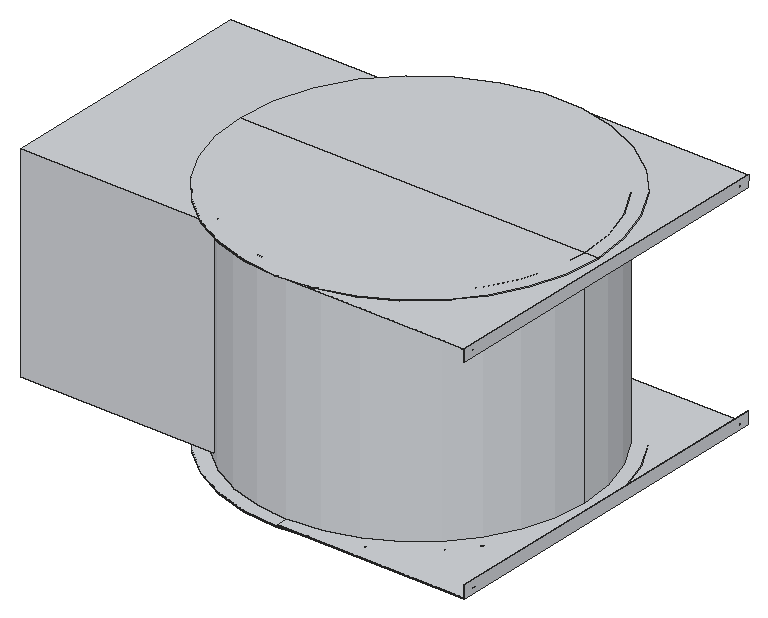
Revit family "AFB-C_Vertical_Wall_Mount", category Mechanical Equipment, Revit 2019
Family settings
  Round Connector Dimension = Use Radius
  Part Type = Normal
  Work Plane-Based = No
  Always vertical = Yes
  Cut with Voids When Loaded = No
  Shared = No
  Room Calculation Point = No
Parameters (values of type "60_AFB-C_VERT_WALL")
  Unit Weight [instance] = ""
  P/2 = P / 2  # 0' - 0 9/32"
  P = 0' - 0 9/16"  # constant formula
  N = 2' - 7 1/16"
  ModelID [instance] = ""
  M/2 = M / 2  # 2' - 9 1/16"
  M = 5' - 6 1/8"
  L = 0' - 1 1/8"
  K/2 = K / 2  # 1' - 7 7/8"
  K = 3' - 3 3/4"
  J-.125" = J - 0' 0 1/8"  # 2' - 10 3/4"
  J-(C/2) = J - (C / 2)  # 0' - 3 1/16"
  J = 2' - 10 7/8"
  H-(A/2) = H - (A / 2)  # 2' - 0 1/16"
  H+J = H + J  # 7' - 5 5/8"
  H = 4' - 6 3/4"
  Sones [instance] = ""
  Motor RPM [instance] = ""
  Motor Enclosure [instance] = ""
  LwA [instance] = ""
  G = 12' - 0"
  Fan RPM [instance] = ""
  F/2 = F / 2  # 0' - 1 1/2"
  F = 0' - 3"
  E/2 = E / 2  # 1' - 9"
  E-2" = -(E - 0' 2")  # -3' - 4"
  E = 3' - 6"
  C/2+J = C / 2 + J  # 5' - 6 11/16"
  C/2 = C / 2  # 2' - 7 13/16"
  C = 5' - 3 5/8"
  B/2 = B / 2  # 2' - 9 3/8"
  B = 5' - 6 3/4"
  Accessories [instance] = ""
  A/3 = A / 2.5  # 2' - 0.55"
  A/2 = A / 2  # 2' - 6 11/16"
  A = 5' - 1 3/8"
  60 = 60.00°  # constant formula
  30 = 30.00°  # constant formula
  3" = 0' - 3"  # constant formula
  Brake Hp [instance] = ""
  4" = 0' - 4"  # constant formula
  2L = 2 * L  # 0' - 2 1/4"
  2' = 2' - 0"
  2" = 0' - 2"  # constant formula
  1" = 0' - 1"  # constant formula
  0 = 0' - 0"  # constant formula
  Voltage [instance] = 0 V
  URL = "www.lorencook.com"
  Type Comments = "Tube Axial Fan Vertical Wall Mount Belt Drive Arrangement 9"  # constant formula
  Static Pressure [instance] = 0.00 in-wg
  Power [instance] = Voltage * Motor FLA * sqrt(if(Phase = 3, 3, 1))  # 0 VA
  Phase [instance] = 0
  Number of Poles [instance] = 1
  Motor Hp [instance] = "0"
  Motor FLA [instance] = 0 A
  Model = "AFB-C"  # constant formula
  Manufacturer = "Loren Cook Company"
  CFM [instance] = 0 CFM
  1.5 = 0' - 1 1/2"  # constant formula
  ONE EIGTH = 0' - 0 1/8"  # constant formula
  -E/2 = -E / 2  # -1' - 9"
  -(E-.25")/2 = -(E - 0' 0 1/4") / 2  # -1' - 8 7/8"
  (H-(A/2))/2 = (H - (A / 2)) / 2  # 1' - 0 1/32"
  (E-.25")/2 = (E - 0' 0 1/4") / 2  # 1' - 8 7/8"
  (A+.25")/2 = (A + 0' 0 1/4") / 2  # 2' - 6 13/16"
Types (12): name | N | M/2 | M | L | K/2 | K | J-.125" | J-(C/2) | J | H-(A/2) | H+J | H | G | F/2 | F | E/2 | E-2" | E | C/2+J | C/2 | C | B/2 | B | A/3 | A/2 | A | 2L | -E/2 | -(E-.25")/2 | (H-(A/2))/2 | (E-.25")/2 | (A+.25")/2
  (no name) | 2' - 7 1/16" | 2' - 9 1/16" | 5' - 6 1/8" | 0' - 1 1/8" | 1' - 7 7/8" | 3' - 3 3/4" | 2' - 10 3/4" | 0' - 3 1/16" | 2' - 10 7/8" | 2' - 0 1/16" | 7' - 5 5/8" | 4' - 6 3/4" | 12' - 0" | 0' - 1 1/2" | 0' - 3" | 1' - 9" | -3' - 4" | 3' - 6" | 5' - 6 11/16" | 2' - 7 13/16" | 5' - 3 5/8" | 2' - 9 3/8" | 5' - 6 3/4" | 2' - 0.55" | 2' - 6 11/16" | 5' - 1 3/8" | 0' - 2 1/4" | -1' - 9" | -1' - 8 7/8" | 1' - 0 1/32" | 1' - 8 7/8" | 2' - 6 13/16"
  12_AFB-C_VERT_WALL | 0' - 6" | 0' - 8" | 1' - 4" | 0' - 0 15/16" | 0' - 10 1/16" | 1' - 8 1/8" | 0' - 9 5/8" | 0' - 2 7/16" | 0' - 9 3/4" | 1' - 6 3/16" | 2' - 10 3/8" | 2' - 0 5/8" | 6' - 0" | 0' - 0 5/32" | 0' - 0 5/16" | 0' - 11" | -1' - 8" | 1' - 10" | 1' - 5 1/16" | 0' - 7 5/16" | 1' - 2 5/8" | 0' - 7 13/16" | 1' - 3 5/8" | 0' - 5.15" | 0' - 6 7/16" | 1' - 0 7/8" | 0' - 1 7/8" | -0' - 11" | -0' - 10 7/8" | 0' - 9 3/32" | 0' - 10 7/8" | 0' - 6 9/16"
  16_AFB-C_VERT_WALL | 0' - 8" | 0' - 10" | 1' - 8" | 0' - 0 15/16" | 0' - 11 9/16" | 1' - 11 1/8" | 0' - 11 5/8" | 0' - 2 7/16" | 0' - 11 3/4" | 1' - 9 11/16" | 3' - 5 7/8" | 2' - 6 1/8" | 6' - 0" | 0' - 0 5/32" | 0' - 0 5/16" | 1' - 0 1/2" | -1' - 11" | 2' - 1" | 1' - 9 1/16" | 0' - 9 5/16" | 1' - 6 5/8" | 0' - 9 13/16" | 1' - 7 5/8" | 0' - 6 3/4" | 0' - 8 7/16" | 1' - 4 7/8" | 0' - 1 7/8" | -1' - 0 1/2" | -1' - 0 3/8" | 0' - 10 27/32" | 1' - 0 3/8" | 0' - 8 9/16"
  24_AFB-C_VERT_WALL | 1' - 0 1/4" | 1' - 2 1/4" | 2' - 4 1/2" | 0' - 0 15/16" | 1' - 2 9/16" | 2' - 5 1/8" | 1' - 3 7/8" | 0' - 2 9/16" | 1' - 4" | 2' - 3 7/16" | 4' - 7 7/8" | 3' - 3 7/8" | 6' - 0" | 0' - 0 7/32" | 0' - 0 7/16" | 1' - 3 1/2" | -2' - 5" | 2' - 7" | 2' - 5 7/16" | 1' - 1 7/16" | 2' - 2 7/8" | 1' - 2 9/16" | 2' - 5 1/8" | 0' - 9.95" | 1' - 0 7/16" | 2' - 0 7/8" | 0' - 1 7/8" | -1' - 3 1/2" | -1' - 3 3/8" | 1' - 1 23/32" | 1' - 3 3/8" | 1' - 0 9/16"
  28_AFB-C_VERT_WALL | 1' - 2 1/4" | 1' - 4 1/4" | 2' - 8 1/2" | 0' - 0 15/16" | 1' - 2 9/16" | 2' - 5 1/8" | 1' - 5 7/8" | 0' - 2 9/16" | 1' - 6" | 2' - 3 7/16" | 4' - 11 7/8" | 3' - 5 7/8" | 6' - 0" | 0' - 0 7/32" | 0' - 0 7/16" | 1' - 3 1/2" | -2' - 5" | 2' - 7" | 2' - 9 7/16" | 1' - 3 7/16" | 2' - 6 7/8" | 1' - 4 9/16" | 2' - 9 1/8" | 0' - 11.55" | 1' - 2 7/16" | 2' - 4 7/8" | 0' - 1 7/8" | -1' - 3 1/2" | -1' - 3 3/8" | 1' - 1 23/32" | 1' - 3 3/8" | 1' - 2 9/16"
  32_AFB-C_VERT_WALL | 1' - 4 5/16" | 1' - 6 5/16" | 3' - 0 5/8" | 0' - 0 15/16" | 1' - 4 1/16" | 2' - 8 1/8" | 1' - 8" | 0' - 2 5/8" | 1' - 8 1/8" | 2' - 4 3/4" | 5' - 5 3/8" | 3' - 9 1/4" | 6' - 0" | 0' - 0 7/32" | 0' - 0 7/16" | 1' - 5" | -2' - 8" | 2' - 10" | 3' - 1 5/8" | 1' - 5 1/2" | 2' - 11" | 1' - 6 5/8" | 3' - 1 1/4" | 1' - 1.2" | 1' - 4 1/2" | 2' - 9" | 0' - 1 7/8" | -1' - 5" | -1' - 4 7/8" | 1' - 2 3/8" | 1' - 4 7/8" | 1' - 4 5/8"
  36_AFB-C_VERT_WALL | 1' - 6 5/16" | 1' - 8 5/16" | 3' - 4 5/8" | 0' - 0 15/16" | 1' - 4 1/16" | 2' - 8 1/8" | 1' - 10" | 0' - 2 5/8" | 1' - 10 1/8" | 2' - 4 3/4" | 5' - 9 3/8" | 3' - 11 1/4" | 6' - 0" | 0' - 0 7/32" | 0' - 0 7/16" | 1' - 5" | -2' - 8" | 2' - 10" | 3' - 5 5/8" | 1' - 7 1/2" | 3' - 3" | 1' - 8 11/16" | 3' - 5 3/8" | 1' - 2.8" | 1' - 6 1/2" | 3' - 1" | 0' - 1 7/8" | -1' - 5" | -1' - 4 7/8" | 1' - 2 3/8" | 1' - 4 7/8" | 1' - 6 5/8"
  44_AFB-C_VERT_WALL | 1' - 10 3/8" | 2' - 0 3/8" | 4' - 0 3/4" | 0' - 1" | 1' - 8" | 3' - 4" | 2' - 2" | 0' - 2 3/8" | 2' - 2 1/8" | 3' - 0 1/4" | 7' - 0 7/8" | 4' - 10 3/4" | 12' - 0" | 0' - 0 7/32" | 0' - 0 7/16" | 1' - 9" | -3' - 4" | 3' - 6" | 4' - 1 7/8" | 1' - 11 3/4" | 3' - 11 1/2" | 2' - 0 11/16" | 4' - 1 3/8" | 1' - 6" | 1' - 10 1/2" | 3' - 9" | 0' - 2" | -1' - 9" | -1' - 8 7/8" | 1' - 6 1/8" | 1' - 8 7/8" | 1' - 10 5/8"
  48_AFB-C_VERT_WALL | 2' - 0 15/16" | 2' - 2 15/16" | 4' - 5 7/8" | 0' - 1" | 1' - 8" | 3' - 4" | 2' - 4 5/8" | 0' - 2 15/16" | 2' - 4 3/4" | 3' - 0 3/16" | 7' - 5 1/2" | 5' - 0 3/4" | 12' - 0" | 0' - 0 7/32" | 0' - 0 7/16" | 1' - 9" | -3' - 4" | 3' - 6" | 4' - 6 9/16" | 2' - 1 13/16" | 4' - 3 5/8" | 2' - 2 3/4" | 4' - 5 1/2" | 1' - 7.65" | 2' - 0 9/16" | 4' - 1 1/8" | 0' - 2" | -1' - 9" | -1' - 8 7/8" | 1' - 6 3/32" | 1' - 8 7/8" | 2' - 0 11/16"
  54_AFB-C_VERT_WALL | 2' - 4 1/16" | 2' - 6 1/16" | 5' - 0 1/8" | 0' - 1 1/8" | 1' - 7 7/8" | 3' - 3 3/4" | 2' - 7 3/4" | 0' - 3 1/16" | 2' - 7 7/8" | 2' - 0 1/16" | 6' - 11 5/8" | 4' - 3 3/4" | 12' - 0" | 0' - 0 7/32" | 0' - 0 7/16" | 1' - 9" | -3' - 4" | 3' - 6" | 5' - 0 11/16" | 2' - 4 13/16" | 4' - 9 5/8" | 2' - 6 3/8" | 5' - 0 3/4" | 1' - 10.15" | 2' - 3 11/16" | 4' - 7 3/8" | 0' - 2 1/4" | -1' - 9" | -1' - 8 7/8" | 1' - 0 1/32" | 1' - 8 7/8" | 2' - 3 13/16"
  60_AFB-C_VERT_WALL | 2' - 7 1/16" | 2' - 9 1/16" | 5' - 6 1/8" | 0' - 1 1/8" | 1' - 7 7/8" | 3' - 3 3/4" | 2' - 10 3/4" | 0' - 3 1/16" | 2' - 10 7/8" | 2' - 0 1/16" | 7' - 5 5/8" | 4' - 6 3/4" | 12' - 0" | 0' - 1 1/2" | 0' - 3" | 1' - 9" | -3' - 4" | 3' - 6" | 5' - 6 11/16" | 2' - 7 13/16" | 5' - 3 5/8" | 2' - 9 3/8" | 5' - 6 3/4" | 2' - 0.55" | 2' - 6 11/16" | 5' - 1 3/8" | 0' - 2 1/4" | -1' - 9" | -1' - 8 7/8" | 1' - 0 1/32" | 1' - 8 7/8" | 2' - 6 13/16"
  18_AFB-C_VERT_WALL | 0' - 9" | 0' - 11" | 1' - 10" | 0' - 0 15/16" | 0' - 11 9/16" | 1' - 11 1/8" | 1' - 0 5/8" | 0' - 2 7/16" | 1' - 0 3/4" | 1' - 9 11/16" | 3' - 7 7/8" | 2' - 7 1/8" | 6' - 0" | 0' - 0 5/32" | 0' - 0 5/16" | 1' - 0 1/2" | -1' - 11" | 2' - 1" | 1' - 11 1/16" | 0' - 10 5/16" | 1' - 8 5/8" | 0' - 10 13/16" | 1' - 9 5/8" | 0' - 7.55" | 0' - 9 7/16" | 1' - 6 7/8" | 0' - 1 7/8" | -1' - 0 1/2" | -1' - 0 3/8" | 0' - 10 27/32" | 1' - 0 3/8" | 0' - 9 9/16"
Reference planes (in)
  plane 1 "Center (Front/Back)": y = 0
  plane 2: z = 0
  plane 3 "Center (Left/Right)": x = 0.40541
Forms (in)
  Revolve 1, solid
    sketch origin (0, 0, 0) x (1, 0, 0) y (0, 0, 1)
      loop
        line (0.40541, -21) -> (33.78041, -21) -> (33.78041, -20.875) -> (31.21791, -20.875) -> (31.21791, 20.875) -> (33.78041, 20.875) -> (33.78041, 21) -> (0.40541, 21) -> (0.40541, -21)
      axis (0.40541, 21) -> (0.40541, -21)
    angle from 0 to 360
  Extrusion 2, solid
    sketch origin (0.40541, 0, 21) x (1, 0, 0) y (0, 1, 0)
      loop
        line (-18.62009, 24.55) -> (-54.75, 24.55) -> (-54.75, -24.55) -> (-18.62009, -24.55)
        arc (-18.62009, -24.55) -> (-30.8125, 0) -> (-18.62009, 24.55) r 30.8125
    from -40 <- "E-2"" to -2
  Extrusion 3, solid
    sketch origin (0.40541, 0, 0) x (0, 1, 0) y (0, 0, 1)
      loop
        line (-33.0625, 20.875) -> (-33.0625, 18.625) -> (33.0625, 18.625) -> (33.0625, 20.875) -> (-33.0625, 20.875)
      loop
        line (33.0625, -18.625) -> (-33.0625, -18.625) -> (-33.0625, -20.875) -> (33.0625, -20.875) -> (33.0625, -18.625)
      loop
        circle (-31.0625, 19.875) r 0.28125
      loop
        circle (31.0625, 19.875) r 0.28125
      loop
        circle (31.0625, -19.875) r 0.28125
      loop
        circle (-31.0625, -19.875) r 0.28125
    from 34.875 <- "J" to 34.75 <- "J-.125""
  Extrusion 4, solid
    sketch origin (0.40541, -33.0625, 20.875) x (0, 1, 0) y (-1, 0, 0)
      loop
        line (0, -34.75) -> (66.125, -34.75) -> (66.125, 0) -> (63.875, 0)
        arc (63.875, 0) -> (33.0625, -30.8125) -> (2.25, 0) r 30.8125
        line (2.25, 0) -> (0, 0) -> (0, -34.75)
    from 0 to -0.125
  Extrusion 5, solid
    sketch origin (0.40541, -33.0625, -20.875) x (1, 0, 0) y (0, -1, 0)
      loop
        line (0, -63.875) -> (0, -66.125) -> (34.75, -66.125) -> (34.75, 0) -> (0, 0) -> (0, -2.25)
        arc (0, -2.25) -> (30.8125, -33.0625) -> (0, -63.875) r 30.8125
    from 0 to -0.125
Dimensions and locks (in)
  "0": Revolve 1 sketch curve to plane 3 "Center (Left/Right)"  (x2)
  "E/2": Revolve 1 sketch curve to level
  "ONE EIGTH": Revolve 1 sketch curve to Revolve 1 sketch curve  (x2)
  "(A+.25")/2": Revolve 1 sketch curve to Revolve 1 sketch curve
  "B/2": Revolve 1 sketch curve to Revolve 1 sketch curve
  "E": Revolve 1 sketch curve to Revolve 1 sketch curve
  "B/2": Revolve 1 sketch curve to plane 3 "Center (Left/Right)"
  "A/3": plane 1 "Center (Front/Back)" to Extrusion 2 sketch curve
  "A/3": Extrusion 2 sketch curve to plane 1 "Center (Front/Back)"
  "H": Extrusion 2 sketch curve to plane 3 "Center (Left/Right)"
  "0": Extrusion 2 sketch curve to plane 3 "Center (Left/Right)"
  "0": Extrusion 2 sketch curve to plane 1 "Center (Front/Back)"
  "0": Revolve 1 to Extrusion 3 sketch curve  (x2)
  "M/2": Extrusion 3 sketch curve to plane 1 "Center (Front/Back)"
  "M/2": plane 1 "Center (Front/Back)" to Extrusion 3 sketch curve
  "0": Extrusion 3 sketch curve to Extrusion 3 sketch curve  (x2)
  "2L": Revolve 1 to Extrusion 3 sketch curve
  "2L": Extrusion 3 sketch curve to Revolve 1
  "N": Extrusion 3 sketch curve to plane 1 "Center (Front/Back)"  (x4)
  "K/2": Extrusion 3 sketch curve to level  (x4)
  "0": Extrusion 4 sketch curve to plane 3 "Center (Left/Right)"  (x3)
  "0": Extrusion 4 sketch curve to plane 1 "Center (Front/Back)"
  "0": Extrusion 4 sketch curve to Extrusion 3  (x2)
  "0": Extrusion 3 to Extrusion 4 sketch curve
  "0": Extrusion 5 sketch curve to plane 3 "Center (Left/Right)"  (x3)
  "0": Extrusion 5 sketch curve to Extrusion 4  (x3)
  "0": Extrusion 5 sketch curve to plane 1 "Center (Front/Back)"
  "(A+.25")/2": radius of Extrusion 2 sketch curve
  "P/2": radius of Extrusion 3 sketch curve  (x4)
  "(A+.25")/2": radius of Extrusion 4 sketch curve
  "(A+.25")/2": radius of Extrusion 5 sketch curve
Automatic sketch dimensions
  Revolve 1 sketch curve to level = 0' - 0"
  Revolve 1 sketch curve to Revolve 1 sketch curve = 0' - 2"
  Extrusion 2 sketch curve to Extrusion 2 sketch curve = 0' - 0"
Connectors (in)
  hvac at (0.40541, 0, -20.875), driven by "A/2"
    settings: on Revolve 1, index 1, duct flow 0 CFM, flow factor 0, pres drop 0.00 in-wg, loss coef 0, conn angle 0.00°, conn width 12", conn height 12", conn diameter 61 3/8", duct sys type 29, conn prof type 0, flow config 0, flow direction 2, loss method 0, conn ref index -1, conn util no, is conn primary yes, conn desc ""
  hvac at (0.40541, 0, 21), driven by "A/2"
    settings: on Revolve 1, index 2, duct flow 0 CFM, flow factor 0, pres drop 0.00 in-wg, loss coef 0, conn angle 0.00°, conn width 12", conn height 12", conn diameter 61 3/8", duct sys type 29, conn prof type 0, flow config 0, flow direction 1, loss method 0, conn ref index -1, conn util no, is conn primary no, conn desc ""
  electrical at (-36.27963, -24.55, 0)
    settings: on Extrusion 2, index 3, voltage 0 V, apparent load 0 VA, apparent load phase1 0 VA, apparent load phase2 0 VA, apparent load phase3 0 VA, power factor 1, load classification "Other", number of poles 1, system type 30, power factor state 1, is connector primary yes, connector utility no, sub classification motor no, connector description ""
